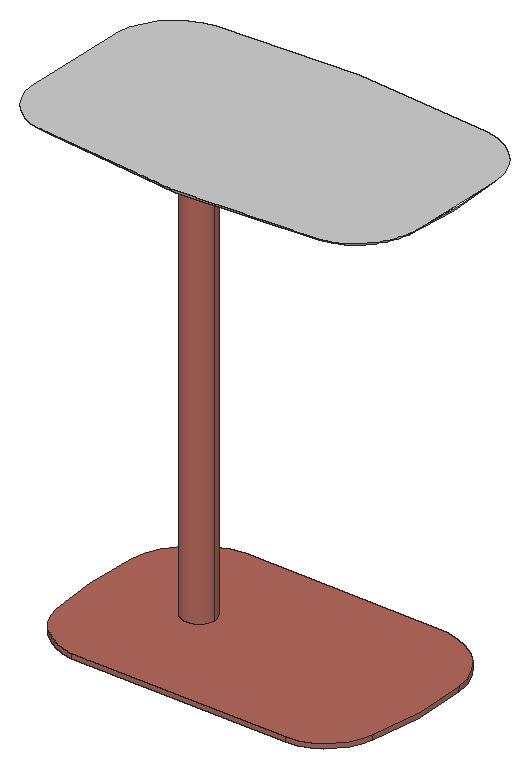
Revit family "Haworth_Pip_Table_AP_PRELIMINARY", category Furniture, Revit 2018
Family settings
  OmniClass Number = 23.40.20.00
  OmniClass Title = General Furniture and Specialties
  Work Plane-Based = No
  Always vertical = Yes
  Cut with Voids When Loaded = No
  Shared = No
  Room Calculation Point = No
Parameters (values of type "Metal Top")
  Wood Top = no
  Warranty = "http://www.haworth.com/resources/product-info/warranties"
  Version = "1"  # constant formula
  URL - Product = "https://www.haworth.com/ap/en/products/coffee-tables/pip.html"
  URL = "https://www.haworth.com/ap/en.html"
  Table Finish [instance] = Haworth _ Paint _ Putty
  Size = "Verify Final Dim. w/ Haworth"  # constant formula
  Model = "SEPITAX"  # constant formula
  Metal Top = not(Wood Top)  # yes
  Manufacturer = "Haworth"  # constant formula
  Glide Finish = Haworth _ Polymer _ Black
  Description = "Haworth - Pip Table - Low"  # constant formula
  Base Finish [instance] = Haworth _ Paint _ Rusty Red
  Author = "Haworth (Bentzen, Abd Rahman)"  # constant formula
  Assembly Code = "E2020200"
  Actual Width = 542 mm  # constant formula
  Actual Height = 660 mm  # constant formula
  Actual Depth = 328 mm  # constant formula
Types (3, lengths in mm): name | Wood Top | Metal Top
  (no name) | no | yes
  Wood Top | yes | no
  Metal Top | no | yes
Reference planes
  plane 1: z = 0
  plane 2 "Center Left/Right": x = -5.977
  plane 3: x = -276.977
  plane 4: x = 265.023
  plane 5: y = 196.85
  plane 6: y = -131.15
  plane 7 "Table top": z = 660
  plane 8: x = -191.252
  plane 9: x = 179.298
  plane 10: y = 111.125
  plane 11: y = -45.425
  plane 12: z = 640.95
  plane 13: z = 651.898
  plane 14: z = 645.029
  plane 15: y = 193.675
  plane 16: y = 180.975
  plane 17: y = 32.85
  plane 18: y = -130.175
  plane 19: y = -117.475
  plane 20: x = -273.802
  plane 21: x = -261.102
  plane 22: x = 257.548
  plane 23: x = 244.848
  plane 24: y = -89.875
  plane 25: y = 155.575
  plane 26: x = -124.577
  plane 27: x = -80.127
  plane 28: x = -102.352
  plane 29 "base outter1": x = -234.577
  plane 30 "base outter2": x = 222.623
  plane 31: z = 9.525
  plane 32: z = 3.175
  plane 33: x = -204.55
  plane 34: x = 192.595
  plane 35: x = -153.75
  plane 36: x = 141.795
  plane 37 "base outter back": y = 166.2
  plane 38 "base otter front": y = -100.5
  plane 39: y = -86.7
  plane 40: x = -149.977
  plane 41: x = -145.677
  plane 42: y = -76.891
  plane 43: y = 179.907
  plane 44: y = 176.702
  plane 45: x = -206.668
  plane 46: y = -116.407
  plane 47: y = -113.202
  plane 48: x = -206.668
  plane 49: x = -263.735
  plane 50: x = -260.56
  plane 51: y = 128.034
  plane 52: x = -263.735
  plane 53: x = -260.56
  plane 54: y = -64.534
  plane 55: x = 251.781
  plane 56: x = 248.606
  plane 57: y = 128.034
  plane 58: x = 251.781
  plane 59: x = 248.606
  plane 60: y = -64.534
  plane 61: y = 179.907
  plane 62: y = 176.702
  plane 63: x = 194.714
  plane 64: y = -116.407
  plane 65: y = -113.202
  plane 66: x = 194.714
  plane 67: z = 642.219
  plane 68: x = -393.814
  plane 69: z = 643.489
  plane 70: x = -255.81
  plane 71: x = -247.41
  plane 72: y = 163.01
  plane 73: y = 179.983
  plane 74: x = -201.537
  plane 75: x = -193.137
  plane 76: y = 108.737
  plane 77: y = 125.71
Forms (mm)
  Blend 1, solid, material "Haworth _ Paint _ Putty" <- "Table Finish"
    base sketch origin (0, 0, 0) x (1, 0, 0) y (0, 1, 0)
      loop
        arc (-192.237, 179.754) -> (-245.763, 151.949) -> (-271.76, 97.521) r 95
        arc (-271.76, 97.521) -> (-275.716, 29.471) -> (-270.891, -38.523) r 529.058
        arc (-270.891, -38.523) -> (-247.628, -86.292) -> (-200.545, -110.916) r 85
        arc (-200.545, -110.916) -> (-8.159, -126.904) -> (184.285, -111.62) r 1191.73
        arc (184.285, -111.62) -> (231.486, -87.14) -> (254.906, -39.405) r 85
        arc (254.906, -39.405) -> (259.896, 34.955) -> (254.31, 109.273) r 525.185
        arc (254.31, 109.273) -> (231.389, 155.298) -> (185.703, 178.889) r 82.717
        arc (185.703, 178.889) -> (-3.232, 194.314) -> (-192.237, 179.754) r 1198.434
    top sketch origin (0, 0, 0) x (1, 0, 0) y (0, 1, 0)
      loop
        arc (-200.622, 186.472) -> (-252.383, 160.214) -> (-276.635, 107.484) r 88.236
        arc (-276.635, 107.484) -> (-280.21, 29.2) -> (-275.901, -49.048) r 779.065
        arc (-275.901, -49.048) -> (-253.864, -96.239) -> (-207.447, -119.864) r 80
        arc (-207.447, -119.864) -> (-8.715, -133.908) -> (190.068, -120.613) r 1451.792
        arc (190.068, -120.613) -> (239.777, -95.393) -> (263.173, -44.801) r 85
        arc (263.173, -44.801) -> (267.02, 30.601) -> (263.605, 106.024) r 784.947
        arc (263.605, 106.024) -> (238.866, 160.019) -> (185.877, 186.846) r 90
        arc (185.877, 186.846) -> (-7.385, 199.564) -> (-200.622, 186.472) r 1453.407
    from 651.898 to 660
  Blend 2, solid, material "Haworth _ Paint _ Putty" <- "Table Finish"
    base sketch origin (0, 0, 0) x (1, 0, 0) y (0, 1, 0)
      loop
        arc (-154.698, 117.837) -> (-187.576, 101.672) -> (-203.006, 68.444) r 55
        arc (-203.006, 68.444) -> (-204.699, 34.232) -> (-203.259, 0.008) r 374.424
        arc (-203.259, 0.008) -> (-186.709, -36.348) -> (-151.002, -54.257) r 60
        arc (-151.002, -54.257) -> (-3.924, -63.415) -> (143.132, -53.916) r 1163.963
        arc (143.132, -53.916) -> (175.528, -37.73) -> (190.839, -4.911) r 55
        arc (190.839, -4.911) -> (192.746, 31.898) -> (191.026, 68.717) r 374.424
        arc (191.026, 68.717) -> (175.554, 101.951) -> (142.633, 118.08) r 55
        arc (142.633, 118.08) -> (-6.04, 126.636) -> (-154.698, 117.837) r 1277.886
    top sketch origin (0, 0, 0) x (1, 0, 0) y (0, 1, 0)
      loop
        arc (-187.817, 167.902) -> (-231.142, 146.449) -> (-254.198, 103.956) r 80
        arc (-254.198, 103.956) -> (-260.979, 32.85) -> (-254.198, -38.256) r 376.178
        arc (-254.198, -38.256) -> (-231.142, -80.749) -> (-187.817, -102.202) r 80
        arc (-187.817, -102.202) -> (-5.023, -116.122) -> (177.749, -101.91) r 1194.631
        arc (177.749, -101.91) -> (219.544, -81.188) -> (241.859, -40.222) r 77.461
        arc (241.859, -40.222) -> (248.944, 32.85) -> (241.859, 105.922) r 380.397
        arc (241.859, 105.922) -> (219.544, 146.888) -> (177.749, 167.61) r 77.461
        arc (177.749, 167.61) -> (-5.023, 181.822) -> (-187.817, 167.902) r 1194.631
    from 641.35 to 645.429
  Extrusion 3, solid, material "Haworth _ Paint _ Rusty Red" <- "Base Finish"
    sketch origin (0, 0, 0) x (1, 0, 0) y (0, 1, 0)
      loop
        circle (-102.352, 32.85) r 22.225
    from 9.525 to 640.95
  Extrusion 4, solid, material "Haworth _ Paint _ Rusty Red" <- "Base Finish"
    sketch origin (0, 0, 0) x (1, 0, 0) y (0, 1, 0)
      loop
        arc (-149.119, 173.934) -> (-210.318, 145.727) -> (-239.726, 85.095) r 100
        arc (-239.726, 85.095) -> (-242.083, 13.914) -> (-233.799, -56.823) r 476.299
        arc (-233.799, -56.823) -> (-206.828, -104.178) -> (-156.641, -125.42) r 85
        arc (-156.641, -125.42) -> (-4.069, -130.897) -> (148.477, -124.723) r 2000.342
        arc (148.477, -124.723) -> (195.264, -104.832) -> (220.618, -60.765) r 80
        arc (220.618, -60.765) -> (229.499, 11.653) -> (227.208, 84.577) r 475.983
        arc (227.208, 84.577) -> (198.077, 144.836) -> (137.412, 173.111) r 99.737
        arc (137.412, 173.111) -> (-5.835, 180.052) -> (-149.119, 173.934) r 1574.899
    from 3.175 to 9.525
  Extrusion 5, solid, material "Haworth _ Polymer _ Black" <- "Glide Finish"
    sketch origin (0, 0, 0) x (1, 0, 0) y (0, 1, 0)
      loop
        circle (-175.589, -48.929) r 25.4
      loop
        circle (163.635, -48.929) r 25.4
      loop
        circle (-175.589, 114.629) r 25.4
      loop
        circle (163.635, 114.629) r 25.4
    from 0 to 3.175
  Extrusion 6, solid, material "Haworth _ Paint _ Rusty Red" <- "Base Finish", visible <- "Wood Top"
    sketch origin (0, 0, 0) x (1, 0, 0) y (0, 1, 0)
      loop
        arc (-148.841, 68.181) -> (-151.83, 66.712) -> (-153.233, 63.691) r 5
        arc (-153.233, 63.691) -> (-154.7, 34.047) -> (-153.452, 4.394) r 324.424
        arc (-153.452, 4.394) -> (-150.693, -1.666) -> (-144.742, -4.651) r 10
        arc (-144.742, -4.651) -> (-3.982, -13.415) -> (136.756, -4.324) r 1113.963
        arc (136.756, -4.324) -> (139.702, -2.852) -> (141.093, 0.131) r 5
        arc (141.093, 0.131) -> (142.747, 32.025) -> (141.256, 63.927) r 324.424
        arc (141.256, 63.927) -> (139.849, 66.949) -> (136.856, 68.415) r 5
        arc (136.856, 68.415) -> (-5.999, 76.636) -> (-148.841, 68.181) r 1227.886
    from 640.95 to 641.35
Lines and regions (mm)
  Masking region 1
    outline origin (0, 0, 0) x (1, 0, 0) y (0, 1, 0)
      loop
        arc (185.877, 186.846) -> (-7.385, 199.564) -> (-200.622, 186.472) r 1453.407
        arc (-200.622, 186.472) -> (-252.383, 160.214) -> (-276.635, 107.484) r 88.236
        arc (-276.635, 107.484) -> (-280.21, 29.2) -> (-275.901, -49.048) r 779.065
        arc (-275.901, -49.048) -> (-253.864, -96.239) -> (-207.447, -119.864) r 80
        arc (-207.447, -119.864) -> (-8.715, -133.908) -> (190.068, -120.613) r 1451.792
        arc (190.068, -120.613) -> (239.777, -95.393) -> (263.173, -44.801) r 85
        arc (263.173, -44.801) -> (267.02, 30.601) -> (263.605, 106.024) r 784.947
        arc (263.605, 106.024) -> (238.866, 160.019) -> (185.877, 186.846) r 90
Dimensions and locks
  "Actual Width": plane 3 to plane 4
  "Actual Depth": plane 5 to plane 6
  "Actual Height": plane 7 "Table top" to plane 1
  plane 8 to plane 3 = 85.725 mm
  plane 4 to plane 9 = 85.725 mm
  plane 5 to plane 10 = 85.725 mm
  plane 11 to plane 6 = 85.725 mm
  plane 7 "Table top" to plane 12 = 19.05 mm
  plane 5 to plane 15 = 3.175 mm
  plane 15 to plane 16 = 12.7 mm
  equal spacing: plane 5, plane 17, plane 6
  plane 3 to plane 20 = 3.175 mm
  plane 20 to plane 21 = 12.7 mm
  equal spacing: plane 3, plane 2 "Center Left/Right", plane 4
  plane 24 to plane 6 = 41.275 mm
  plane 3 to plane 26 = 152.4 mm
  plane 26 to plane 27 = 44.45 mm
  equal spacing: plane 26, plane 28, plane 27
  locked: plane 30 "base outter2" to plane 29 "base outter1" at 457.2
  plane 30 "base outter2" to plane 29 "base outter1" = 457.2 mm
  plane 32 to plane 1 = 3.175 mm
  plane 31 to plane 32 = 6.35 mm
  plane 33 to plane 29 "base outter1" = 30.027 mm
  plane 35 to plane 33 = 50.8 mm
  plane 36 to plane 34 = 50.8 mm
  plane 17 to plane 37 "base outter back" = 133.35 mm
  plane 17 to plane 38 "base otter front" = 133.35 mm
  plane 29 "base outter1" to plane 30 "base outter2" = 457.2 mm
  plane 39 to plane 6 = 44.45 mm
  plane 3 to plane 40 = 127 mm
  plane 69 to plane 12 = 2.539 mm
  plane 13 to plane 14 = 6.869 mm
  plane 7 "Table top" to plane 13 = 8.102 mm
  plane 21 to plane 71 = 13.692 mm
  plane 44 to plane 72 = 13.692 mm
  plane 73 to plane 15 = 13.692 mm
  plane 70 to plane 74 = 54.273 mm
  plane 71 to plane 75 = 54.273 mm
  plane 72 to plane 76 = 54.273 mm
  plane 73 to plane 77 = 54.273 mm
  aligned and locked: level to plane 1
  aligned and locked: plane 7 "Table top" to Blend 1
  aligned and locked: Blend 1 to plane 13
  aligned and locked: plane 12 to Extrusion 3
Automatic sketch dimensions
  plane 17 to Extrusion 3 sketch curve = 0 mm
  Extrusion 3 sketch curve to plane 28 = 0 mm
  Extrusion 5 sketch curve to plane 10 = 3.504 mm  (x2)
  Extrusion 5 sketch curve to plane 8 = 15.663 mm  (x2)
  plane 11 to Extrusion 5 sketch curve = 3.504 mm  (x2)
  Extrusion 5 sketch curve to plane 9 = 15.663 mm  (x2)
  Extrusion 4 sketch curve to plane 17 = 0.361 mm
  plane 71 to Extrusion 4 sketch curve = 1.415 mm
  Extrusion 4 sketch curve to plane 40 = 0.374 mm
  plane 41 to Extrusion 4 sketch curve = 5.369 mm
  Extrusion 4 sketch curve to plane 2 "Center Left/Right" = 4.382 mm
  Extrusion 4 sketch curve to plane 2 "Center Left/Right" = 2.659 mm
  plane 36 to Extrusion 4 sketch curve = 13.742 mm
  Extrusion 4 sketch curve to plane 36 = 0.398 mm
  Extrusion 4 sketch curve to plane 17 = 0.937 mm
  Extrusion 4 sketch curve to plane 23 = 11.047 mm
  Extrusion 4 sketch curve to plane 11 = 4.772 mm
  Extrusion 4 sketch curve to plane 11 = 0.455 mm
  Extrusion 4 sketch curve to plane 6 = 1263.691 mm
  plane 10 to Extrusion 4 sketch curve = 37.311 mm
  plane 10 to Extrusion 4 sketch curve = 36.802 mm
  plane 5 to Extrusion 4 sketch curve = 1672.589 mm
  Extrusion 4 sketch curve to plane 29 "base outter1" = 5.149 mm
  Extrusion 4 sketch curve to Extrusion 4 sketch curve = 0 mm  (x7)
  plane 17 to Blend 2 sketch curve = 0 mm  (x4)
  Blend 2 sketch curve to plane 8 = 9.576 mm
  plane 40 to Blend 2 sketch curve = 1.722 mm
  plane 41 to Blend 2 sketch curve = 2.187 mm
  plane 2 "Center Left/Right" to Blend 2 sketch curve = 0.701 mm
  plane 2 "Center Left/Right" to Blend 2 sketch curve = 0.981 mm
  plane 36 to Blend 2 sketch curve = 5.676 mm
  plane 36 to Blend 2 sketch curve = 5.517 mm
  Blend 2 sketch curve to plane 9 = 9.576 mm
  plane 17 to Blend 2 sketch curve = 27.579 mm
  plane 17 to Blend 2 sketch curve = 32.215 mm
  Blend 2 sketch curve to plane 6 = 1020.099 mm
  Blend 2 sketch curve to plane 17 = 30.366 mm
  Blend 2 sketch curve to plane 17 = 30.598 mm
  plane 5 to Blend 2 sketch curve = 903.697 mm
  Blend 2 sketch curve to Blend 2 sketch curve = 0 mm  (x12)
  Blend 2 sketch curve to plane 74 = 1.469 mm
  Blend 2 sketch curve to plane 2 "Center Left/Right" = 0 mm  (x2)
  Blend 2 sketch curve to plane 26 = 6.876 mm
  Blend 2 sketch curve to plane 8 = 15.612 mm  (x2)
  plane 36 to Blend 2 sketch curve = 26.597 mm
  Blend 2 sketch curve to plane 9 = 13.462 mm  (x2)
  Blend 2 sketch curve to plane 11 = 22.291 mm
  Blend 2 sketch curve to plane 11 = 20.054 mm
  Blend 2 sketch curve to plane 6 = 881.659 mm
  plane 10 to Blend 2 sketch curve = 22.291 mm
  Blend 2 sketch curve to plane 76 = 17.667 mm
  plane 5 to Blend 2 sketch curve = 881.659 mm
  plane 37 "base outter back" to Blend 2 sketch curve = 1.702 mm
  plane 38 "base otter front" to Blend 2 sketch curve = 1.702 mm
  Blend 2 sketch curve to plane 76 = 2.815 mm
  plane 17 to Blend 1 sketch curve = 0 mm  (x4)
  Blend 1 sketch curve to plane 2 "Center Left/Right" = 0 mm  (x4)
  Blend 1 sketch curve to plane 8 = 13.78 mm
  Blend 1 sketch curve to plane 49 = 1.55 mm
  Blend 1 sketch curve to plane 9 = 8.583 mm
  Blend 1 sketch curve to plane 9 = 6.824 mm
  Blend 1 sketch curve to plane 55 = 1.55 mm
  Blend 1 sketch curve to plane 11 = 18.369 mm
  Blend 1 sketch curve to plane 11 = 17.715 mm
  Blend 1 sketch curve to plane 6 = 872.967 mm
  plane 10 to Blend 1 sketch curve = 25.216 mm
  plane 10 to Blend 1 sketch curve = 13.889 mm
  plane 43 to Blend 1 sketch curve = 0.153 mm
  Blend 1 sketch curve to Blend 1 sketch curve = 0 mm  (x12)
  plane 74 to Blend 1 sketch curve = 0.992 mm
  Blend 1 sketch curve to plane 8 = 4.584 mm
  plane 5 to Blend 1 sketch curve = 867.974 mm
  Blend 1 sketch curve to plane 8 = 2.447 mm
  Blend 1 sketch curve to plane 75 = 3.207 mm
  plane 68 to Blend 1 sketch curve = 124.109 mm
  Blend 1 sketch curve to plane 9 = 5.301 mm
  Blend 1 sketch curve to plane 9 = 0.708 mm
  plane 4 to Blend 1 sketch curve = 233.824 mm
  Blend 1 sketch curve to plane 11 = 9.033 mm
  Blend 1 sketch curve to plane 11 = 4.787 mm
  Blend 1 sketch curve to plane 6 = 1122.693 mm
  plane 10 to Blend 1 sketch curve = 13.491 mm
  plane 10 to Blend 1 sketch curve = 12.094 mm
  plane 74 to Blend 1 sketch curve = 0.916 mm
  Blend 1 sketch curve to plane 45 = 0.779 mm
  plane 5 to Blend 1 sketch curve = 1121.031 mm
  Masking region 1 sketch curve to plane 2 "Center Left/Right" = 0 mm
  Masking region 1 sketch curve to plane 8 = 2.447 mm
  Masking region 1 sketch curve to plane 6 = 1122.693 mm
  Masking region 1 sketch curve to plane 76 = 9.706 mm
  plane 74 to Masking region 1 sketch curve = 0.916 mm
  Masking region 1 sketch curve to Masking region 1 sketch curve = 0 mm  (x6)
  plane 3 to Masking region 1 sketch curve = 0.342 mm
  Masking region 1 sketch curve to plane 16 = 5.871 mm
  plane 17 to Masking region 1 sketch curve = 0 mm  (x2)
  plane 3 to Masking region 1 sketch curve = 1.076 mm
  Masking region 1 sketch curve to plane 75 = 3.207 mm
  Masking region 1 sketch curve to plane 45 = 0.779 mm
  plane 68 to Masking region 1 sketch curve = 124.109 mm
  Masking region 1 sketch curve to plane 9 = 5.301 mm
  Masking region 1 sketch curve to plane 11 = 0.624 mm
  Masking region 1 sketch curve to plane 4 = 1.85 mm
  Masking region 1 sketch curve to plane 9 = 0.708 mm
  plane 34 to Masking region 1 sketch curve = 2.527 mm
  plane 17 to Extrusion 6 sketch curve = 0 mm  (x2)
  Extrusion 6 sketch curve to plane 8 = 9.576 mm
  plane 40 to Extrusion 6 sketch curve = 1.722 mm
  plane 41 to Extrusion 6 sketch curve = 2.187 mm
  plane 2 "Center Left/Right" to Extrusion 6 sketch curve = 0.701 mm
  plane 2 "Center Left/Right" to Extrusion 6 sketch curve = 0.981 mm
  plane 36 to Extrusion 6 sketch curve = 5.676 mm
  plane 36 to Extrusion 6 sketch curve = 5.517 mm
  Extrusion 6 sketch curve to plane 9 = 9.576 mm
  Extrusion 6 sketch curve to plane 6 = 1020.099 mm
  plane 17 to Extrusion 6 sketch curve = 32.215 mm
  plane 17 to Extrusion 6 sketch curve = 27.579 mm
  Extrusion 6 sketch curve to plane 17 = 30.366 mm
  Extrusion 6 sketch curve to plane 17 = 30.598 mm
  plane 5 to Extrusion 6 sketch curve = 903.697 mm
  plane 35 to Extrusion 6 sketch curve = 0.298 mm
  Extrusion 6 sketch curve to Extrusion 6 sketch curve = 0 mm  (x7)
  radius of Extrusion 3 sketch curve = 22.225 mm
  radius of Extrusion 5 sketch curve = 25.4 mm  (x4)
